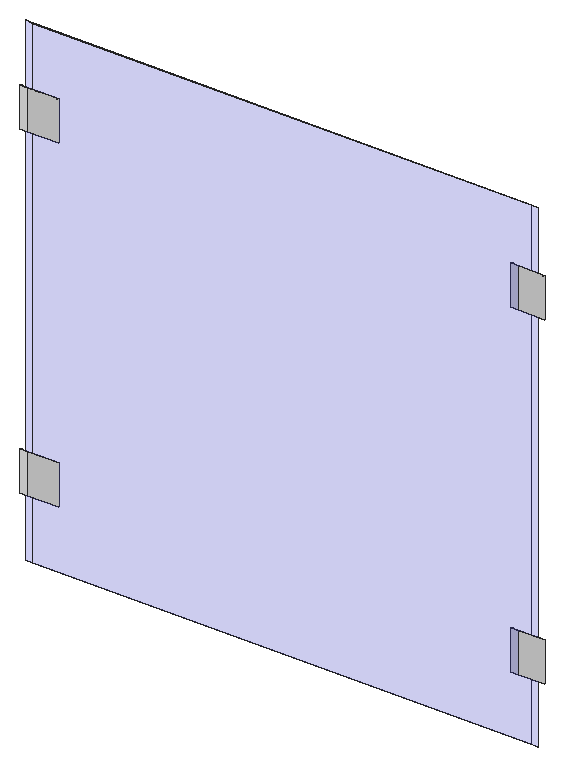
Revit family
Parameters
  Width = 1000 mm
  Vertical Gap = 10 mm
  built-in parameter 1008623 [instance] = (empty or 0)
  built-in parameter 1008625 [instance] = 35.00°
  Post = no
  built-in parameter 1008624 [instance] = (empty or 0)
  built-in parameter 1008622 [instance] = 750 mm
Reference planes
  plane 1 "Center (Front/Back)": y = 0
  plane 2: z = 0
  plane 3 "Center (Left/Right)": x = 0
  plane 4 "Top": z = 750
  plane 5 "Top Cut Angle": through (0, 352.385, 503.258) normal (0, -0.5736, -0.8192)
  plane 6 "Bottom Cut Angle": through (0, 0, 0) normal (0, -0.5736, -0.8192)
  plane 7 "Front": y = 500
  plane 8 "Back": y = -500
  plane 9: y = -490
  plane 10: y = 490
  plane 11: through (0, 57.358, 81.915) normal (0, -0.5736, -0.8192)
  plane 12: y = -440
  plane 13: through (0, 295.027, 421.342) normal (0, -0.5736, -0.8192)
  plane 14: y = 450
Forms (mm)
  Extrusion 1, solid, material "Glass"
    sketch origin (0, 0, 0) x (0, 1, 0) y (0, 0, 1)
      loop
        line (490, 406.898) -> (-490, 1093.102) -> (-490, 343.102) -> (490, -343.102) -> (490, 406.898)
    from -6 to 6
  Extrusion 2, solid, material "Metal - Steel"
    sketch origin (0, 0, 0) x (0, 1, 0) y (0, 0, 1)
      loop
        line (-500, 441.662) -> (-440, 399.649) -> (-440, 460.688) -> (-500, 502.701) -> (-500, 441.662)
      loop
        line (-500, 947.507) -> (-440, 905.494) -> (-440, 966.533) -> (-500, 1008.546) -> (-500, 947.507)
      loop
        line (500, -197.507) -> (450, -162.497) -> (450, -223.535) -> (500, -258.546) -> (500, -197.507)
      loop
        line (500, 308.338) -> (450, 343.349) -> (450, 282.31) -> (500, 247.299) -> (500, 308.338)
    from -6 to 6
Text (mm)
  text "Baluster Panel Elevation" at (0, 774.199, 1016.929), in view "Left"
Dimensions and locks
  "built-in parameter 1008622": plane 2 to plane 4 "Top"
  equal spacing: plane 7 "Front", plane 1 "Center (Front/Back)", plane 8 "Back"
  "Width": plane 7 "Front" to plane 8 "Back"
  "Vertical Gap": plane 8 "Back" to plane 9
  "Vertical Gap": plane 10 to plane 7 "Front"
  plane 6 "Bottom Cut Angle" to plane 11 = 100 mm
  locked: Extrusion 1 to plane 12 at 50
  locked: plane 13 to plane 5 "Top Cut Angle" at 100
  locked: plane 14 to plane 7 "Front" at 50
  equal spacing: Extrusion 2 sketch curve, plane 11, Extrusion 2 sketch curve
  locked: Extrusion 2 sketch curve to Extrusion 2 sketch curve at 50  (x2)
  equal spacing: Extrusion 2 sketch curve, plane 13, Extrusion 2 sketch curve
  "built-in parameter 1008625": angle plane 4 "Top" to plane 5 "Top Cut Angle"
  "built-in parameter 1008625": angle level to plane 6 "Bottom Cut Angle"
  aligned and locked: Extrusion 1 sketch curve to plane 5 "Top Cut Angle"
  aligned and locked: Extrusion 1 sketch curve to plane 6 "Bottom Cut Angle"
  aligned and locked: Extrusion 1 sketch curve to plane 9
  aligned and locked: plane 10 to Extrusion 1 sketch curve
  aligned and locked: Extrusion 2 sketch curve to plane 12
  aligned and locked: plane 12 to Extrusion 2 sketch curve
  aligned and locked: Extrusion 2 sketch curve to plane 14  (x2)
Automatic sketch dimensions
  Extrusion 2 sketch curve to plane 8 "Back" = 0 mm  (x2)
  Extrusion 2 sketch curve to plane 12 = 0 mm
  Extrusion 2 sketch curve to plane 7 "Front" = 0 mm  (x2)
  plane 11 to Extrusion 2 sketch curve = 25 mm  (x2)
  plane 13 to Extrusion 2 sketch curve = 25 mm  (x2)
  Extrusion 2 sketch curve to plane 13 = 25 mm  (x2)
  Extrusion 2 sketch curve to plane 11 = 25 mm  (x2)
